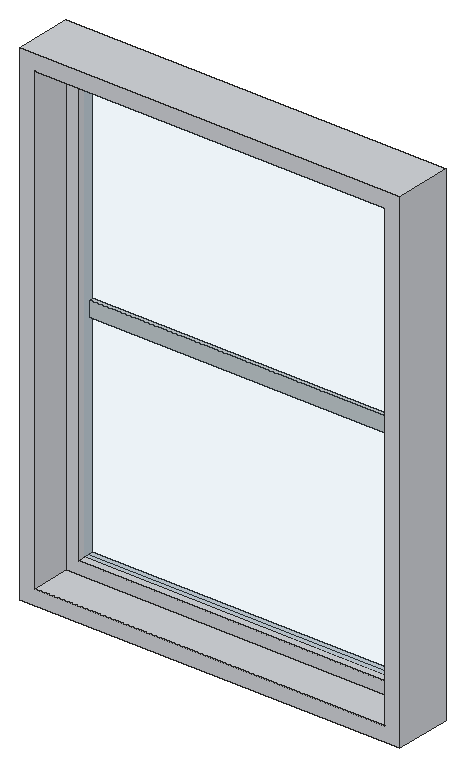
Revit family
Parameters (values of type "1000 x 1300 mm")
  Height = 1300 mm
  기본 씰 높이 = 800 mm
  Wall Closure = (empty or 0)
  Width = 1000 mm
  Mullion Width = 40 mm
  Assembly Code = ""
Reference planes
  plane 1: y = 0
  plane 2 "중심(왼쪽/오른쪽)": x = 0
  plane 3 "좌측면": x = -500
  plane 4 "오른쪽": x = 500
  plane 5 "씰": z = 1000
  plane 6 "헤드": z = 2300
  plane 7 "외부": y = 75
  plane 8 "내부": y = -75
  plane 9: y = 25
  plane 10: y = 60
  plane 11: z = 1550
Forms (mm)
  Sweep 1, solid
    path origin (0, 75, 0) x (1, 0, 0) y (0, 0, 1)
      loop
        line (500, 2300) -> (-500, 2300) -> (-500, 1000) -> (500, 1000) -> (500, 2300)
    profile origin (0, 75, 2300) x (0, 0, -1) y (0, -1, 0)
      loop
        line (0, 0) -> (20, 0) -> (20, 50) -> (40, 50) -> (40, 150) -> (0, 150) -> (0, 0)
  Extrusion 2, solid
    sketch origin (0, 75, 0) x (1, 0, 0) y (0, 0, 1)
      loop
        line (480, 1020) -> (480, 2280) -> (-480, 2280) -> (-480, 1020) -> (480, 1020)
      loop
        line (430, 2230) -> (-430, 2230) -> (-430, 1070) -> (430, 1070) -> (430, 2230)
    from 0 to 45
  Extrusion 3, solid, material "유리"
    sketch origin (10500, 60, 2280) x (0, 0, 1) y (1, 0, 0)
      loop
        line (-1210, -10070) -> (-1210, -10930) -> (-50, -10930) -> (-50, -10070) -> (-1210, -10070)
    from 0 to -12
  Extrusion 4, solid, material "프래임"
    sketch origin (-50, 75, 161.562) x (1, 0, 0) y (0, 0, 1)
      loop
        line (480, 1508.438) -> (-380, 1508.438) -> (-380, 1468.438) -> (480, 1468.438) -> (480, 1508.438)
    from 0 to 10
Lines and regions (mm)
  Opening 1
    outline origin (3500, -75, 0) x (1, 0, 0) y (0, 0, 1)
      loop
        line (-3000, 1000) -> (-3000, 2300) -> (-4000, 2300) -> (-4000, 1000) -> (-3000, 1000)
Text (mm)
  text "외부" at (-1963.203, 1332.353, 0), in view "참조 레벨"
  text "내부" at (-1981.466, -818.386, 0), in view "참조 레벨"
  text "외부" at (0, 923.751, 2943.296), in view "오른쪽"
  text "외부" at (0, 1040.484, 2685.409), in view "좌측면"
Dimensions and locks
  equal spacing: plane 3 "좌측면", plane 2 "중심(왼쪽/오른쪽)", plane 4 "오른쪽"
  "Width": plane 3 "좌측면" to plane 4 "오른쪽"
  "Height": plane 5 "씰" to plane 6 "헤드"
  plane 5 "씰" to level = 1000 mm
  locked: plane 7 "외부" to host wall at 0
  locked: plane 8 "내부" to host wall
  locked: plane 9 to host wall at 50
  locked: Sweep 1 sketch curve to Sweep 1 sketch curve at 20
  locked: Sweep 1 sketch curve to Sweep 1 sketch curve at 40
  Extrusion 2 to plane 10 = 30 mm
  equal spacing: plane 11, Extrusion 4 sketch curve, Extrusion 4 sketch curve
  "Mullion Width": Extrusion 4 sketch curve to Extrusion 4 sketch curve
  Extrusion 2 to Extrusion 4 = 650 mm
  aligned and locked: Sweep 1 sketch curve to host wall  (x2)
  aligned and locked: plane 9 to Sweep 1 sketch curve
  aligned and locked: Extrusion 2 sketch curve to Sweep 1  (x4)
  aligned and locked: Extrusion 3 sketch curve to Extrusion 2  (x3)
  aligned: Extrusion 3 to Extrusion 2
Automatic sketch dimensions
  Opening 1 sketch curve to plane 3 "좌측면" = 0 mm
  Opening 1 sketch curve to plane 4 "오른쪽" = 0 mm
  Opening 1 sketch curve to plane 5 "씰" = 0 mm
  Opening 1 sketch curve to plane 6 "헤드" = 0 mm
  Sweep 1 sketch curve to plane 3 "좌측면" = 0 mm
  Sweep 1 sketch curve to plane 4 "오른쪽" = 0 mm
  Sweep 1 sketch curve to plane 5 "씰" = 0 mm
  Sweep 1 sketch curve to plane 6 "헤드" = 0 mm
  Sweep 1 sketch curve to profile plane = 0 mm
  Extrusion 2 sketch curve to plane 3 "좌측면" = 70 mm
  plane 4 "오른쪽" to Extrusion 2 sketch curve = 70 mm
  Extrusion 2 sketch curve to plane 5 "씰" = 70 mm
  plane 6 "헤드" to Extrusion 2 sketch curve = 70 mm
  Extrusion 4 sketch curve to plane 3 "좌측면" = 70 mm
  plane 4 "오른쪽" to Extrusion 4 sketch curve = 70 mm
  Extrusion 3 sketch curve to plane 3 "좌측면" = 70 mm
